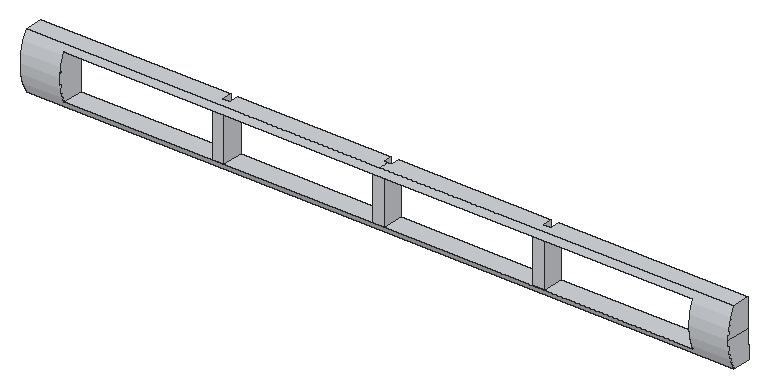
Revit family
Parameters
  Material ID = "760155739\r\n760155739"
  Description = "360 Evolve 1U U/UTP Panel Kit"
Reference planes (in)
  plane 1 "Center (Front/Back)": y = 0
  plane 2: z = 0
  plane 3 "Center (Left/Right)": x = 0
Forms (in)
  Extrusion 1, solid
    sketch origin (0, 0, 0) x (1, 0, 0) y (0, 0, 1)
      loop
        line (0, 0.75218) -> (-9.5, 0.75218) -> (-9.5, 0.00218) -> (-9.5, -0.75218) -> (0, -0.75218) -> (9.5, -0.75218) -> (9.5, 0) -> (9.5, 0.75218) -> (0, 0.75218)
    from 0 to 2.5
  Extrusion 2, void, not visible
    sketch origin (0, 0, 0) x (1, 0, 0) y (0, 0, 1)
      loop
        line (-7.85662, 0.48089) -> (-7.85662, -0.39002) -> (-7.67285, -0.39002) -> (-7.67285, -0.64002) -> (-7.0736, -0.64002) -> (-7.0736, -0.39002) -> (-6.92978, -0.39002) -> (-6.92978, 0.48089) -> (-7.85662, 0.48089)
    from -3.79215 to 12
  Extrusion 3, void, not visible
    sketch origin (0, 0, 0) x (1, 0, 0) y (0, 0, 1)
      loop
        line (-8.21397, 0.42583) -> (-8.21397, -0.07417) -> (-8.08657, -0.07417) -> (-8.08657, -0.27417) -> (-7.83657, -0.27417) -> (-7.83657, -0.07417) -> (-7.72497, -0.07417) -> (-7.72497, 0.42583) -> (-8.21397, 0.42583)
    from 0.74059 to 3.34334
  Extrusion 4, void
    sketch origin (0, 0, 0) x (1, 0, 0) y (0, 0, 1)
      loop
        line (4.40826, 1.75) -> (4.20826, 1.75) -> (4.20826, -1.75) -> (4.40826, -1.75) -> (4.40826, 1.75)
    from 0 to 0.25637
  Extrusion 5, void
    sketch origin (-4.29969, 0, 0) x (1, 0, 0) y (0, 0, 1)
      loop
        line (4.40826, 1.75) -> (4.20826, 1.75) -> (4.20826, -1.75) -> (4.40826, -1.75) -> (4.40826, 1.75)
    from 0 to 0.21551
  Extrusion 6, void
    sketch origin (-8.6195, 0, 0) x (1, 0, 0) y (0, 0, 1)
      loop
        line (4.40826, 1.75) -> (4.20826, 1.75) -> (4.20826, -1.75) -> (4.40826, -1.75) -> (4.40826, 1.75)
    from 0 to 0.25637
  Extrusion 7, void
    sketch origin (0, 0, 0) x (0, 1, 0) y (0, 0, 1)
      loop
        line (-0.3725, 0.92313) -> (-2.87402, 0.92313) -> (-2.80422, -1.07565) -> (-0.23373, -1.07565)
        arc (-0.23373, -1.07565) -> (-0.68972, -0.1031) -> (-0.3725, 0.92313) r 1.48862
    from -13.91716 to 12
  Extrusion 8, void, not visible
    sketch origin (0, 0, 0) x (1, 0, 0) y (0, 0, 1)
      loop
        line (-8.19397, 0.28004) -> (-8.19397, -0.07417) -> (-8.06657, -0.07417) -> (-8.06657, -0.16337) -> (-7.91657, -0.16337) -> (-7.91657, -0.07417) -> (-7.80497, -0.07417) -> (-7.80497, 0.28004) -> (-8.19397, 0.28004)
    from 0.25637 to 5.60437
  Extrusion 9, void
    sketch origin (0, 0, 0) x (1, 0, 0) y (0, 0, 1)
      loop
        line (0, 0.59628) -> (-8.44, 0.59628) -> (-8.44, 0) -> (-8.44, -0.59628) -> (0, -0.59628) -> (8.44, -0.59628) -> (8.44, 0) -> (8.44, 0.59628) -> (0, 0.59628)
    from 0.54506 to 2.05637
  Extrusion 10, void
    sketch origin (0, 0, 0) x (1, 0, 0) y (0, 0, 1)
      loop
        arc (-9.09564, 0.1) -> (-9.19564, 0) -> (-9.09564, -0.1) r 0.1
        line (-9.09564, -0.1) -> (-8.93998, -0.1)
        arc (-8.93998, -0.1) -> (-8.83998, 0) -> (-8.93998, 0.1) r 0.1
        line (-8.93998, 0.1) -> (-9.09564, 0.1)
    from 0 to 0.32834
  Extrusion 11, void
    sketch origin (0, 0, 0.5) x (1, 0, 0) y (0, 0, 1)
      loop
        arc (-9.09564, 0.1) -> (-9.19564, 0) -> (-9.09564, -0.1) r 0.1
        line (-9.09564, -0.1) -> (-8.93998, -0.1)
        arc (-8.93998, -0.1) -> (-8.83998, 0) -> (-8.93998, 0.1) r 0.1
        line (-8.93998, 0.1) -> (-9.09564, 0.1)
    from 0 to 0.32834
  Extrusion 12, void
    sketch origin (0, 0, -0.5) x (1, 0, 0) y (0, 0, 1)
      loop
        line (-9.09564, -0.1) -> (-8.93998, -0.1)
        arc (-8.93998, -0.1) -> (-8.83998, 0) -> (-8.93998, 0.1) r 0.1
        line (-8.93998, 0.1) -> (-9.09564, 0.1)
        arc (-9.09564, 0.1) -> (-9.19564, 0) -> (-9.09564, -0.1) r 0.1
    from 0 to 0.32834
  Extrusion 13, void
    sketch origin (0, 0, 0) x (-1, 0, 0) y (0, 0, -1)
      loop
        line (-9.09564, -0.1) -> (-8.93998, -0.1)
        arc (-8.93998, -0.1) -> (-8.83998, 0) -> (-8.93998, 0.1) r 0.1
        line (-8.93998, 0.1) -> (-9.09564, 0.1)
        arc (-9.09564, 0.1) -> (-9.19564, 0) -> (-9.09564, -0.1) r 0.1
    from 0 to 0.32834
  Extrusion 14, void
    sketch origin (0, 0, 0.5) x (-1, 0, 0) y (0, 0, -1)
      loop
        line (-9.09564, -0.1) -> (-8.93998, -0.1)
        arc (-8.93998, -0.1) -> (-8.83998, 0) -> (-8.93998, 0.1) r 0.1
        line (-8.93998, 0.1) -> (-9.09564, 0.1)
        arc (-9.09564, 0.1) -> (-9.19564, 0) -> (-9.09564, -0.1) r 0.1
    from 0 to 0.32834
  Extrusion 15, void
    sketch origin (0, 0, -0.5) x (-1, 0, 0) y (0, 0, -1)
      loop
        arc (-9.09564, 0.1) -> (-9.19564, 0) -> (-9.09564, -0.1) r 0.1
        line (-9.09564, -0.1) -> (-8.93998, -0.1)
        arc (-8.93998, -0.1) -> (-8.83998, 0) -> (-8.93998, 0.1) r 0.1
        line (-8.93998, 0.1) -> (-9.09564, 0.1)
    from 0 to 0.32834
  Extrusion 16, void
    sketch origin (0, 0, 0) x (1, 0, 0) y (0, 0, 1)
      loop
        line (-8.44, 0.59628) -> (-8.44, -0.59628) -> (-4.44, -0.59628) -> (-4.44, 0.59628) -> (-8.44, 0.59628)
    from -2.85931 to 12
  Extrusion 17, void
    sketch origin (4.3, 0, 0) x (1, 0, 0) y (0, 0, 1)
      loop
        line (-8.44, 0.59628) -> (-8.44, -0.59628) -> (-4.44, -0.59628) -> (-4.44, 0.59628) -> (-8.44, 0.59628)
    from -2.85931 to 12
  Extrusion 18, void
    sketch origin (8.6, 0, 0) x (1, 0, 0) y (0, 0, 1)
      loop
        line (-8.44, 0.59628) -> (-8.44, -0.59628) -> (-4.44, -0.59628) -> (-4.44, 0.59628) -> (-8.44, 0.59628)
    from -2.85931 to 12
  Extrusion 19, void
    sketch origin (12.9, 0, 0) x (1, 0, 0) y (0, 0, 1)
      loop
        line (-8.44, 0.59628) -> (-8.44, -0.59628) -> (-4.44, -0.59628) -> (-4.44, 0.59628) -> (-8.44, 0.59628)
    from -2.85931 to 12
Cuts and joins
  Extrusion 4, Extrusion 5, Extrusion 6, Extrusion 7, Extrusion 9, Extrusion 10, Extrusion 11, Extrusion 12, Extrusion 13, Extrusion 14, Extrusion 15, Extrusion 16, Extrusion 17, Extrusion 18, Extrusion 19 cuts Extrusion 1
Dimensions and locks (in)
  equal spacing: group 4, group 5, group 6, group 7  (x3)
  aligned: level to Extrusion 1 sketch curve
  aligned and locked: plane 3 "Center (Left/Right)" to Extrusion 1 sketch curve
  aligned: plane 3 "Center (Left/Right)" to Extrusion 9 sketch curve
